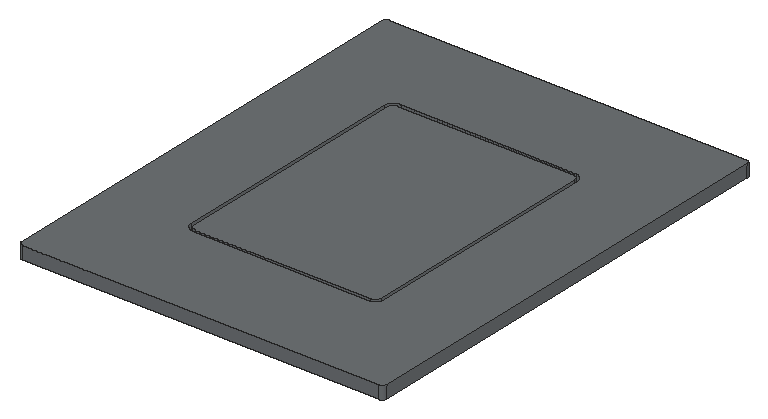
Revit family "Grohe_FlushPlate_SpaPremium_104644KF00", category Plumbing Fixtures, host Face, Revit 2022
Family settings
  Host = Face
  Round Connector Dimension = Use Diameter
  Part Type = Normal
  Cut with Voids When Loaded = No
  Maintain Annotation Orientation = No
  Shared = No
  Room Calculation Point = No
Parameters (values of type "SPA Flush Plate (104644KF00)")
  _ObjectUserGuide = "https://www.bimstore.co/products/spa-flush-plate-104644KF00/document/object-user-guide"
  _DistributedBy = "https://www.bimstore.co/"
  _CurrentRevision = 1
  _CreatedBy = "https://www.bimstore.co/"
  _BimSpecGuid = 0
  _BSBibleVersion = 17
  _AuthorizedBy = "bimstore"
  _Author = "AM 191"
  Waste Connection = no
  WarrantyStartDate [instance] = "Please Record on Commissioning"
  WarrantyGuarantorParts = "info-uk@grohe.com"
  WarrantyGuarantorLabor = "info-uk@grohe.com"
  WarrantyDurationUnit = "Years"
  WarrantyDurationParts = "0"
  WarrantyDurationLabor = "0"
  WarrantyDescription = "n/a"
  Vent Connection = no
  URL = "https://www.grohe.co.uk/"
  TypeName = "SPA Flush Plate"
  Type Comments = "SPA Flush Plate"
  TPIDocumentLink = "https://cdn.cloud.grohe.com/tpi/2000/2200/2220/2226/2226057/original/2226057.pdf"
  SustainabilityReport = "green.grohe.com/reporting"
  SustainabilityAward = "green.grohe.com/awards"
  SpareParts = "info-uk@grohe.com"
  Size = "n/a"
  Shape = "n/a"
  SerialNumber [instance] = "Please Record on Commissioning"
  ReplacementCost = "n/a"
  ReferencedStandard = "n/a"
  ProductionYear = "2024"
  ProductType = "n/a"
  ProductShortText = "Flush plate with soft touch actuation"
  ProductNumber = "104644KF00"
  ProductDescription = "for dual flush actuation\r\nfor pneumatic discharge valve AV1\r\nvertical installation\r\n160 x 201 mm\r\nmaterial: ABS\r\nGROHE Long-Life finish\r\nGROHE Water Saving - Less water, perfect flow\r\nfor combination with Rapid SL and Uniset with GD 2 cistern, slim cistern and 80 mm cistern\r\ncompatible with auto flush of Sensia Arena, Sensia Pro and Hygiena\r\n6 V lithium battery, type CR-P2\r\nbattery lifetime: 4 years for a 3 person household (approx. 17000 actuations)\r\nbattery status warning\r\nauto flush\r\ncleaning mode\r\nfor mains supply please order transformer 42 470 000"
  PrimaryMaterial = Grohe_Anthracite
  PQDiagramLink = "n/a"
  NominalLength = 0 mm
  NominalHeight = 0 mm
  NominalDepth = 0 mm
  NBSReference = "90-15-35/470"
  NBSOfficeMasterTag = "n/a"
  NBSObjectName = "Grohe - Flush control devices"
  NBSNote = "n/a"
  NBSDescription = "Flush control devices"
  ModelReference = "SPA Flush Plate"
  ModelNumber = "104644KF00"
  Model = "104644KF00"
  Material = "n/a"
  ManufacturerName = "Grohe"
  Manufacturer = "Grohe"
  Keynote = "N13"
  InstallationDate [instance] = "Please Record on Commissioning"
  IfcExportType = "IfcPipeFittingType"
  IfcExportAs = "IfcPipeFitting"
  HW Connection = no
  Grade = "n/a"
  GROHESustainability = "green.grohe.com"
  GROHESocialCommittment = "green.grohe.com/social_engagement"
  FullRecyclabilityOfPlastic = "All plastic components are fully recycable"
  Finish = "n/a"
  Features = "n/a"
  ExpectedLife = 0
  Ecojoy = no
  EF023752 = "true"
  EF023751 = "true"
  EF020828 = "false"
  EF020827 = "true"
  EF010109 = "false"
  EF006949 = "Pneumatic"
  EF006331 = "false"
  EF002169 = "Plastic"
  EF002147 = "Two button"
  EF001438 = "51"
  EF000040 = "201"
  EF000008 = "160"
  EF000007 = "Anthracite"
  DurationUnit = "Years"
  DocumentationTechnical = "https://www.bimstore.co/products/spa-flush-plate-104644KF00/document/technical-data-sheet"
  DocumentationMaintenance = "https://www.bimstore.co/products/spa-flush-plate-104644KF00/document/maintenance-information"
  DocumentationLiterature = "https://www.bimstore.co/products/spa-flush-plate-104644KF00/document/product-literature"
  DocumentationInstallationGuide = "https://www.bimstore.co/products/spa-flush-plate-104644KF00/document/installation-guide"
  DocumentationCertificates = "https://www.bimstore.co/products/spa-flush-plate-104644KF00/document/product-certificates"
  DimensionsDocumentLink = "https://cdn.cloud.grohe.com/dimdraw/100000/100000/100000/100300/100360/100365/100365177/1280/100365177.jpg"
  Description = "SPA Flush Plate"
  Default Elevation = 0 mm
  CreatedOn = "2024-09-04T:09:00:00"
  CreatedBy = "info-uk@grohe.com"
  CradleToCradleCertification = "n/a"
  Cost = 0
  Constituents = "n/a"
  Color = "Anthracite"
  CodePerformance = "n/a"
  ClassificationValue = "Pr_75_50_46_31"
  ClassificationName = "Uniclass2015"
  CW Connection = no
  CO2NeutralProduction = "GROHE is one of the first leading manufacturer within the sanitary industry having a CO2-neutral production."
  BarCode [instance] = "Please Record on Commissioning"
  BIMObjectName = "Grohe_FlushPlate_SpaPremium_104644KF00"
  AssetType = "Fixed"
  AssetIdentifier [instance] = "n/a"
  Assembly Code = ""
  AccessibilityPerformance = "n/a"
Reference planes
  plane 1 "Center (Front/Back)": y = 0
  plane 2: z = 0
  plane 3 "Center (Left/Right)": x = 0
Forms (mm)
  Extrusion 1, solid, material "Grohe_Anthracite" <- "PrimaryMaterial"
    sketch origin (0, 0, 0) x (1, 0, 0) y (0, 1, 0)
      loop
        line (78, 100.5) -> (-78, 100.5)
        arc (-78, 100.5) -> (-79.414, 99.914) -> (-80, 98.5) r 2
        line (-80, 98.5) -> (-80, -98.5)
        arc (-80, -98.5) -> (-79.414, -99.914) -> (-78, -100.5) r 2
        line (-78, -100.5) -> (78, -100.5)
        arc (78, -100.5) -> (79.414, -99.914) -> (80, -98.5) r 2
        line (80, -98.5) -> (80, 98.5)
        arc (80, 98.5) -> (79.414, 99.914) -> (78, 100.5) r 2
      loop
        arc (-38.4, 56.802) -> (-41.228, 55.63) -> (-42.4, 52.802) r 4
        line (-42.4, 52.802) -> (-42.4, -52.802)
        arc (-42.4, -52.802) -> (-41.228, -55.63) -> (-38.4, -56.802) r 4
        line (-38.4, -56.802) -> (38.4, -56.802)
        arc (38.4, -56.802) -> (41.228, -55.63) -> (42.4, -52.802) r 4
        line (42.4, -52.802) -> (42.4, 52.802)
        arc (42.4, 52.802) -> (41.228, 55.63) -> (38.4, 56.802) r 4
        line (38.4, 56.802) -> (-38.4, 56.802)
      loop
        arc (-38.4, 55.302) -> (-40.168, 54.569) -> (-40.9, 52.802) r 2.5
        line (-40.9, 52.802) -> (-40.9, -52.802)
        arc (-40.9, -52.802) -> (-40.168, -54.569) -> (-38.4, -55.302) r 2.5
        line (-38.4, -55.302) -> (38.4, -55.302)
        arc (38.4, -55.302) -> (40.168, -54.569) -> (40.9, -52.802) r 2.5
        line (40.9, -52.802) -> (40.9, 52.802)
        arc (40.9, 52.802) -> (40.168, 54.569) -> (38.4, 55.302) r 2.5
        line (38.4, 55.302) -> (-38.4, 55.302)
    from 0 to 5.5
  Extrusion 2, solid, material "Grohe_Anthracite" <- "PrimaryMaterial"
    sketch origin (0, 0, 0) x (1, 0, 0) y (0, 1, 0)
      loop
        line (-42.4, -56.802) -> (42.4, -56.802) -> (42.4, 56.802) -> (-42.4, 56.802) -> (-42.4, -56.802)
    from 0 to 2.75
Cuts and joins
  joined: Extrusion 1, Extrusion 2
Dimensions and locks
  aligned and locked: plane 2 to host face
  aligned and locked: level to host face
